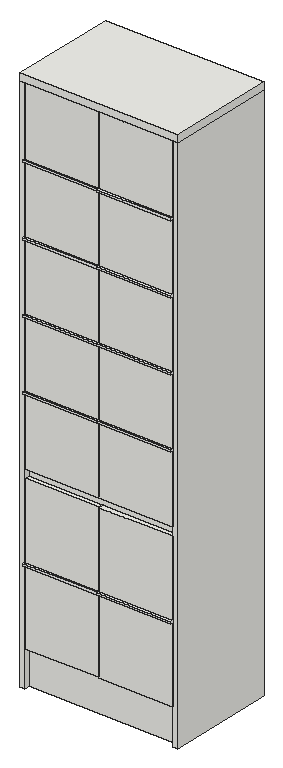
Revit family
Parameters (values of type "660x450x2300-hi")
  하부장높이 = 788 mm
  폭 = 660 mm
  마감재2 = chrome
  마감재 = 하이그로시
  높이 = 2300 mm
  깊이 = 450 mm
  Assembly Code = ""
Reference planes
  plane 1 "중심(앞/뒤)": y = 0
  plane 2: z = 0
  plane 3 "중심(왼쪽/오른쪽)": x = -4.001
  plane 4: x = -314.001
  plane 5: x = 305.998
  plane 6: x = -334.001
  plane 7: x = 325.999
  plane 8 "뒷면": y = 450
  plane 9: z = 2300
  plane 10: z = 469
  plane 11: z = 788
  plane 12: z = 823
  plane 13: z = 150
  plane 14: z = 1112.4
  plane 15: z = 1401.8
  plane 16: z = 1691.2
  plane 17: z = 1980.6
  plane 18 "최상단 덮판": z = 2270
  plane 19 "전면 뒤판": y = 20
  plane 20 "마감2전면": y = -10
  plane 21: x = -2.501
  plane 22: x = -5.501
  plane 23: z = 473
  plane 24: z = 465
  plane 25: z = 1116.4
  plane 26: z = 1108.4
  plane 27: z = 1405.8
  plane 28: z = 1397.8
  plane 29: z = 1695.2
  plane 30: z = 1687.2
  plane 31: z = 1984.6
  plane 32: z = 1976.6
Forms (mm)
  Extrusion 1, solid, material "하이그로시" <- "마감재"
    sketch origin (0, 0, 0) x (1, 0, 0) y (0, 1, 0)
      loop
        line (-334.001, 450) -> (-334.001, 0) -> (-314.001, 0) -> (-314.001, 450) -> (-334.001, 450)
      loop
        line (305.998, 450) -> (305.998, 0) -> (325.999, 0) -> (325.999, 450) -> (305.998, 450)
    from 0 to 2270
  Extrusion 2, solid, material "하이그로시" <- "마감재"
    sketch origin (0, 0, 0) x (1, 0, 0) y (0, 0, 1)
      loop
        line (-314.001, 788) -> (-314.001, 150) -> (-5.501, 150) -> (-5.501, 788) -> (-314.001, 788)
      loop
        line (-2.501, 788) -> (-2.501, 150) -> (305.998, 150) -> (305.998, 788) -> (-2.501, 788)
    from 0 to -18
  Extrusion 3, solid, material "하이그로시" <- "마감재"
    sketch origin (0, 0, 0) x (1, 0, 0) y (0, 0, 1)
      loop
        line (-314.001, 2270) -> (-314.001, 823) -> (-5.501, 823) -> (-5.501, 2270) -> (-314.001, 2270)
      loop
        line (-2.501, 2270) -> (-2.501, 823) -> (305.998, 823) -> (305.998, 2270) -> (-2.501, 2270)
    from 0 to -18
  Extrusion 4, solid, material "하이그로시" <- "마감재"
    sketch origin (0, 20, 0) x (-1, 0, 0) y (0, 0, 1)
      loop
        line (314.001, 823) -> (-305.998, 823) -> (-305.998, 788) -> (314.001, 788) -> (314.001, 823)
    from 0 to 18
  Extrusion 5, solid, material "하이그로시" <- "마감재"
    sketch origin (0, 20, 0) x (-1, 0, 0) y (0, 0, 1)
      loop
        line (-305.998, 0) -> (314.001, 0) -> (314.001, 150) -> (-305.998, 150) -> (-305.998, 0)
    from 0 to 18
  Extrusion 6, solid, material "하이그로시" <- "마감재"
    sketch origin (0, 0, 2270) x (-1, 0, 0) y (0, -1, 0)
      loop
        line (334.001, -450) -> (334.001, 0) -> (-325.999, 0) -> (-325.999, -450) -> (334.001, -450)
    from 0 to 30
  Extrusion 7, solid, material "하이그로시" <- "마감재"
    sketch origin (0, 450, 0) x (-1, 0, 0) y (0, 0, 1)
      loop
        line (-305.998, 2270) -> (-305.998, 0) -> (314.001, 0) -> (314.001, 2270) -> (-305.998, 2270)
    from 0 to -18
  Extrusion 8, solid, material "chrome" <- "마감재2"
    sketch origin (0, 0, 0) x (1, 0, 0) y (0, 0, 1)
      loop
        line (-2.501, 473) -> (-2.501, 465) -> (305.998, 465) -> (305.998, 473) -> (-2.501, 473)
      loop
        line (-314.001, 473) -> (-314.001, 465) -> (-5.501, 465) -> (-5.501, 473) -> (-314.001, 473)
    from 0 to 10
  Extrusion 9, solid, material "chrome" <- "마감재2"
    sketch origin (0, 0, 0) x (1, 0, 0) y (0, 0, 1)
      loop
        line (-2.501, 1116.4) -> (-2.501, 1108.4) -> (305.998, 1108.4) -> (305.998, 1116.4) -> (-2.501, 1116.4)
      loop
        line (-5.501, 1116.4) -> (-314.001, 1116.4) -> (-314.001, 1108.4) -> (-5.501, 1108.4) -> (-5.501, 1116.4)
    from 0 to 10
  Extrusion 10, solid, material "chrome" <- "마감재2"
    sketch origin (0, 0, 0) x (1, 0, 0) y (0, 0, 1)
      loop
        line (-2.501, 1405.8) -> (-2.501, 1397.8) -> (305.998, 1397.8) -> (305.998, 1405.8) -> (-2.501, 1405.8)
      loop
        line (-5.501, 1405.8) -> (-314.001, 1405.8) -> (-314.001, 1397.8) -> (-5.501, 1397.8) -> (-5.501, 1405.8)
      loop
        line (-2.501, 1695.2) -> (-2.501, 1687.2) -> (305.998, 1687.2) -> (305.998, 1695.2) -> (-2.501, 1695.2)
      loop
        line (-5.501, 1695.2) -> (-314.001, 1695.2) -> (-314.001, 1687.2) -> (-5.501, 1687.2) -> (-5.501, 1695.2)
      loop
        line (-314.001, 1976.6) -> (-5.501, 1976.6) -> (-5.501, 1984.6) -> (-314.001, 1984.6) -> (-314.001, 1976.6)
      loop
        line (-2.501, 1984.6) -> (-2.501, 1976.6) -> (305.998, 1976.6) -> (305.998, 1984.6) -> (-2.501, 1984.6)
    from 0 to 10
Lines and regions (mm)
  symbolic lines
    curve 1: line (-5.501, 0, 2270) -> (305.998, 0, 1570.5)
    curve 2: line (-5.501, 0, 823) -> (305.998, 0, 1570.5)
    curve 3: line (-5.501, 0, 2270) -> (-314.001, 0, 1570.5)
    curve 4: line (-314.001, 0, 1570.5) -> (-5.501, 0, 823)
    curve 5: line (-3.936, 0, 150.048) -> (-314.684, 0, 468.493)
    curve 6: line (-314.684, 0, 468.493) -> (-4.001, 0, 788)
    curve 7: line (-4.001, 0, 788) -> (305.998, 0, 469)
    curve 8: line (305.998, 0, 469) -> (-3.936, 0, 150.048)
Dimensions and locks
  equal spacing: plane 6, plane 3 "중심(왼쪽/오른쪽)", plane 7
  "폭": plane 6 to plane 7
  "깊이": plane 8 "뒷면" to plane 1 "중심(앞/뒤)"
  "높이": plane 9 to level
  equal spacing: plane 11, plane 10, plane 13
  equal spacing: plane 18 "최상단 덮판", plane 17, plane 16, plane 15, plane 14, plane 12
  locked: plane 12 to plane 11 at 35
  locked: plane 13 to level at 150
  locked: plane 6 to plane 4 at 20.001
  locked: plane 5 to plane 7 at 20.001
  locked: plane 9 to plane 18 "최상단 덮판" at 30
  "하부장높이": plane 11 to level
  locked: plane 20 "마감2전면" to plane 1 "중심(앞/뒤)" at 10
  locked: plane 19 "전면 뒤판" to plane 1 "중심(앞/뒤)" at 20
  locked: plane 22 to plane 3 "중심(왼쪽/오른쪽)" at 1.5
  locked: plane 3 "중심(왼쪽/오른쪽)" to plane 21 at 1.5
  locked: plane 10 to plane 24 at 4
  locked: plane 23 to plane 10 at 4
  locked: plane 14 to plane 26 at 4
  locked: plane 25 to plane 14 at 4
  locked: plane 15 to plane 28 at 4
  locked: plane 27 to plane 15 at 4
  locked: plane 16 to plane 30 at 4
  locked: plane 29 to plane 16 at 4
  locked: plane 17 to plane 32 at 4
  locked: plane 31 to plane 17 at 4
  aligned and locked: plane 5 to Extrusion 1 sketch curve
  aligned and locked: Extrusion 1 sketch curve to plane 8 "뒷면"  (x2)
  aligned and locked: plane 7 to Extrusion 1 sketch curve
  aligned and locked: Extrusion 1 sketch curve to plane 6
  aligned and locked: plane 4 to Extrusion 1 sketch curve
  aligned and locked: Extrusion 1 sketch curve to plane 1 "중심(앞/뒤)"  (x2)
  aligned and locked: plane 18 "최상단 덮판" to Extrusion 1
  aligned and locked: Extrusion 2 sketch curve to plane 22
  aligned and locked: plane 21 to Extrusion 2 sketch curve
  aligned and locked: Extrusion 1 to Extrusion 2 sketch curve  (x2)
  aligned and locked: Extrusion 2 sketch curve to plane 11  (x2)
  aligned and locked: plane 13 to Extrusion 2 sketch curve  (x2)
  aligned and locked: Extrusion 1 to Extrusion 3 sketch curve  (x2)
  aligned and locked: Extrusion 3 sketch curve to plane 18 "최상단 덮판"  (x2)
  aligned and locked: plane 21 to Extrusion 3 sketch curve
  aligned and locked: plane 12 to Extrusion 3 sketch curve  (x2)
  aligned and locked: Extrusion 3 sketch curve to plane 22
  aligned and locked: plane 11 to Extrusion 4 sketch curve
  aligned and locked: Extrusion 4 sketch curve to plane 12
  aligned and locked: Extrusion 1 to Extrusion 4 sketch curve
  aligned and locked: plane 5 to Extrusion 5 sketch curve
  aligned and locked: Extrusion 5 sketch curve to plane 4
  aligned and locked: Extrusion 5 sketch curve to plane 13
  aligned and locked: level to Extrusion 5 sketch curve
  aligned and locked: Extrusion 6 sketch curve to plane 8 "뒷면"
  aligned and locked: plane 7 to Extrusion 6 sketch curve
  aligned and locked: Extrusion 6 sketch curve to plane 6
  aligned and locked: Extrusion 6 sketch curve to plane 1 "중심(앞/뒤)"
  aligned and locked: Extrusion 7 sketch curve to plane 18 "최상단 덮판"
  aligned and locked: Extrusion 7 sketch curve to plane 4
  aligned and locked: plane 5 to Extrusion 7 sketch curve
  aligned and locked: level to Extrusion 7 sketch curve
  aligned and locked: Extrusion 8 sketch curve to plane 23  (x2)
  aligned and locked: plane 24 to Extrusion 8 sketch curve  (x2)
  aligned and locked: Extrusion 8 sketch curve to Extrusion 2  (x4)
  aligned and locked: Extrusion 9 sketch curve to Extrusion 3  (x2)
  aligned and locked: Extrusion 3 to Extrusion 9 sketch curve  (x2)
  aligned and locked: plane 26 to Extrusion 9 sketch curve
  aligned and locked: Extrusion 9 sketch curve to plane 25
  aligned and locked: plane 25 to Extrusion 9 sketch curve
  aligned and locked: Extrusion 9 sketch curve to plane 26
  aligned and locked: Extrusion 10 sketch curve to plane 27
  aligned and locked: plane 28 to Extrusion 10 sketch curve
  aligned and locked: Extrusion 10 sketch curve to Extrusion 3  (x6)
  aligned and locked: Extrusion 3 to Extrusion 10 sketch curve  (x6)
  aligned and locked: plane 27 to Extrusion 10 sketch curve
  aligned and locked: Extrusion 10 sketch curve to plane 28
  aligned and locked: Extrusion 10 sketch curve to plane 29
  aligned and locked: plane 30 to Extrusion 10 sketch curve
  aligned and locked: plane 29 to Extrusion 10 sketch curve
  aligned and locked: Extrusion 10 sketch curve to plane 30
  aligned and locked: plane 31 to Extrusion 10 sketch curve
  aligned and locked: Extrusion 10 sketch curve to plane 32
  aligned and locked: Extrusion 10 sketch curve to plane 31
  aligned and locked: plane 32 to Extrusion 10 sketch curve
Automatic sketch dimensions
  plane 5 to Extrusion 4 sketch curve = 0 mm
  curve 4 to plane 4 = 0 mm
  curve 1 to plane 18 "최상단 덮판" = 0 mm
  curve 1 to plane 22 = 0 mm
  curve 4 to plane 12 = 0 mm
  curve 4 to plane 22 = 0 mm
  curve 7 to plane 3 "중심(왼쪽/오른쪽)" = 0 mm
  curve 7 to plane 5 = 0 mm
  curve 1 to plane 5 = 0 mm
  curve 7 to plane 10 = 0 mm
  curve 6 to plane 11 = 0 mm
  plane 4 to curve 6 = 0.684 mm
  plane 3 "중심(왼쪽/오른쪽)" to curve 5 = 0.065 mm
  curve 5 to plane 10 = 0.507 mm
  plane 13 to curve 8 = 0.048 mm
  plane 27 to curve 4 = 164.7 mm
  plane 27 to curve 2 = 164.7 mm
